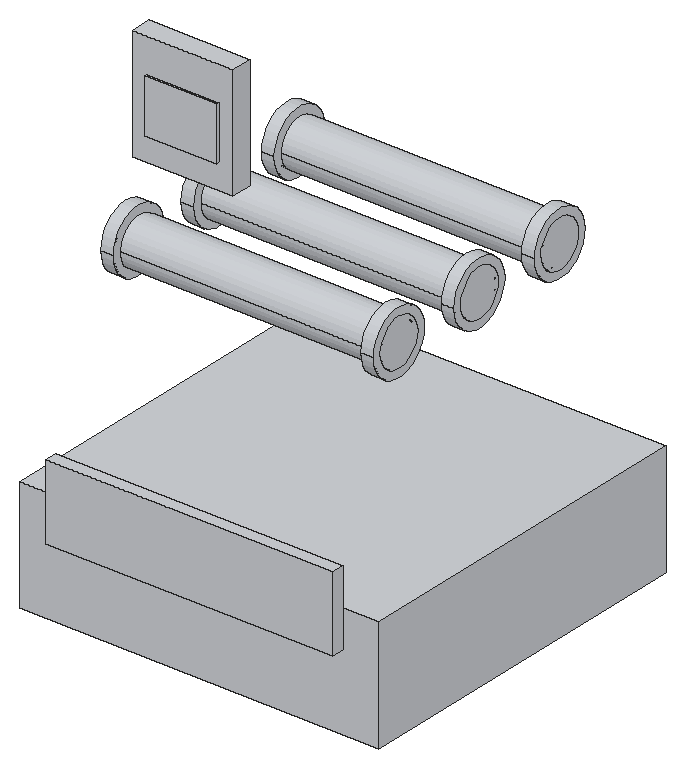
Revit family "GIS_Disconnector", category Modelos genéricos, Revit 2027
Family settings
  Pode hospedar o vergalhão = Não
  Cota do conector redondo = Utilizar diâmetro
  Tipo de parte = Normal
  Com base no plano de trabalho = Não
  Sempre na vertical = Sim
  Corte com vazios quando carregada = Não
  Manter orientação da anotação = Não
  Compartilhado = Não
  Ponto de cálculo do ambiente = Não
Parameters (values of type "GIS_DS_145KV_STUDY")
  Elevação padrão = 0 mm
  BIM_TensaoSecundaria_kV = 0
  BIM_TensaoNominal_kV = 138
  BIM_TensaoClasse_kV = 145
  BIM_TensaoClasseSecundaria_kV = 0
  BIM_TensaoAuxiliarCA_kV = 0
  BIM_Sistema_Elemento [instance] = ""
  BIM_ReferenciaCatalogo = "GE Vernova F35 145 kV product family; mechanism envelope estimated"
  BIM_Profundidade = 800 mm
  BIM_Potencia_MVA = 0
  BIM_Localizacao [instance] = ""
  BIM_Largura = 800 mm
  BIM_Impedancia_pu = 0
  BIM_FonteGeometria = "GE Vernova F35 145 kV product family; mechanism envelope estimated"
  BIM_Fabricante = "NAO SELECIONADO"
  BIM_EstadoGeometria = "ESTIMATED"
  BIM_EstadoEspecificacao = "PREMISSA / NAO SELECIONADO"
  BIM_DescricaoEstudo = "Seccionadora GIS com mecanismo indicativo; detalhes internos e arranjo do fabricante não representados."
  BIM_CorrenteReferenciaSecundaria_A = 0
  BIM_CorrenteNominal_A = 0
  BIM_Bay [instance] = ""
  BIM_AlturaCorpoPrincipal = 252 mm
  BIM_Altura = 1400 mm
Reference planes
  plane 1 "Centro (Frente/Trás)": y = 0
  plane 2: z = 0
  plane 3 "Centro (Esquerda/Direita)": x = 0
  plane 4 "BIM Left": x = -400
  plane 5 "BIM Right": x = 400
  plane 6 "BIM Front": y = -400
  plane 7 "BIM Back": y = 400
Forms (mm)
  Extrusion 1, solid
    sketch origin (0, 0, 0) x (1, 0, 0) y (0, 1, 0)
      loop
        line (-400, -400) -> (400, -400) -> (400, 400) -> (-400, 400) -> (-400, -400)
    from 0 to 252 <- "BIM_AlturaCorpoPrincipal"
  Extrusion 2, solid
    sketch origin (0, 0, 168) x (1, 0, 0) y (0, 1, 0)
      loop
        line (-320, -427.432) -> (320, -427.432) -> (320, -400) -> (-320, -400) -> (-320, -427.432)
    from 0 to 168
  Extrusion 3, solid
    sketch origin (0, 0, 1022) x (1, 0, 0) y (0, 1, 0)
      loop
        line (-112, -445.72) -> (112, -445.72) -> (112, -400) -> (-112, -400) -> (-112, -445.72)
    from 0 to 252
  Extrusion 4, solid
    sketch origin (0, 0, 1078) x (1, 0, 0) y (0, 1, 0)
      loop
        line (-80, -451.816) -> (80, -451.816) -> (80, -445.72) -> (-80, -445.72) -> (-80, -451.816)
    from 0 to 119
  Extrusion 5, solid
    sketch origin (-304, -224, 700) x (0, 1, 0) y (0, 0, 1)
      loop
        circle (0, 0) r 52
    from 0 to 608
  Extrusion 6, solid
    sketch origin (-304, -224, 700) x (0, 1, 0) y (0, 0, 1)
      loop
        circle (0, 0) r 70.2
      loop
        circle (0, 0) r 43.68
    from 0 to 28
  Extrusion 7, solid
    sketch origin (276, -224, 700) x (0, 1, 0) y (0, 0, 1)
      loop
        circle (0, 0) r 70.2
      loop
        circle (0, 0) r 43.68
    from 0 to 28
  Extrusion 8, solid
    sketch origin (-304, 0, 700) x (0, 1, 0) y (0, 0, 1)
      loop
        circle (0, 0) r 52
    from 0 to 608
  Extrusion 9, solid
    sketch origin (-304, 0, 700) x (0, 1, 0) y (0, 0, 1)
      loop
        circle (0, 0) r 70.2
      loop
        circle (0, 0) r 43.68
    from 0 to 28
  Extrusion 10, solid
    sketch origin (276, 0, 700) x (0, 1, 0) y (0, 0, 1)
      loop
        circle (0, 0) r 70.2
      loop
        circle (0, 0) r 43.68
    from 0 to 28
  Extrusion 11, solid
    sketch origin (-304, 224, 700) x (0, 1, 0) y (0, 0, 1)
      loop
        circle (0, 0) r 52
    from 0 to 608
  Extrusion 12, solid
    sketch origin (-304, 224, 700) x (0, 1, 0) y (0, 0, 1)
      loop
        circle (0, 0) r 70.2
      loop
        circle (0, 0) r 43.68
    from 0 to 28
  Extrusion 13, solid
    sketch origin (276, 224, 700) x (0, 1, 0) y (0, 0, 1)
      loop
        circle (0, 0) r 70.2
      loop
        circle (0, 0) r 43.68
    from 0 to 28
Dimensions and locks
  "BIM_Largura": plane 4 "BIM Left" to plane 5 "BIM Right"
  "BIM_Profundidade": plane 6 "BIM Front" to plane 7 "BIM Back"
  aligned and locked: level to plane 2
  aligned and locked: plane 4 "BIM Left" to Extrusion 1
  aligned and locked: Extrusion 1 to plane 5 "BIM Right"
  aligned and locked: Extrusion 1 to plane 6 "BIM Front"
  aligned and locked: plane 7 "BIM Back" to Extrusion 1
Automatic sketch dimensions
  Extrusion 1 sketch curve to plane 4 "BIM Left" = 0 mm
  Extrusion 1 sketch curve to plane 5 "BIM Right" = 0 mm
  Extrusion 1 sketch curve to plane 6 "BIM Front" = 0 mm
  Extrusion 1 sketch curve to plane 7 "BIM Back" = 0 mm
  Extrusion 2 sketch curve to plane 6 "BIM Front" = 0 mm
  Extrusion 2 sketch curve to plane 6 "BIM Front" = 27.432 mm
  Extrusion 2 sketch curve to plane 4 "BIM Left" = 80 mm
  plane 5 "BIM Right" to Extrusion 2 sketch curve = 80 mm
  Extrusion 3 sketch curve to plane 6 "BIM Front" = 0 mm
  Extrusion 3 sketch curve to plane 6 "BIM Front" = 45.72 mm
  Extrusion 3 sketch curve to plane 3 "Centro (Esquerda/Direita)" = 112 mm
  plane 3 "Centro (Esquerda/Direita)" to Extrusion 3 sketch curve = 112 mm
  Extrusion 4 sketch curve to plane 3 "Centro (Esquerda/Direita)" = 80 mm
  plane 3 "Centro (Esquerda/Direita)" to Extrusion 4 sketch curve = 80 mm
  Extrusion 4 sketch curve to plane 6 "BIM Front" = 51.816 mm
  Extrusion 4 sketch curve to Extrusion 4 sketch curve = 6.096 mm
  Extrusion 5 sketch curve to Extrusion 5 sketch curve = 0 mm  (x2)
  plane 6 "BIM Front" to Extrusion 5 sketch curve = 176 mm
  level to Extrusion 5 sketch curve = 700 mm
  Extrusion 5 sketch curve to Extrusion 5 sketch curve = 52 mm
  Extrusion 6 sketch curve to Extrusion 6 sketch curve = 0 mm  (x12)
  plane 6 "BIM Front" to Extrusion 6 sketch curve = 176 mm
  level to Extrusion 6 sketch curve = 700 mm
  Extrusion 6 sketch curve to Extrusion 6 sketch curve = 43.68 mm
  Extrusion 6 sketch curve to Extrusion 6 sketch curve = 26.52 mm
  Extrusion 7 sketch curve to Extrusion 7 sketch curve = 0 mm  (x12)
  plane 6 "BIM Front" to Extrusion 7 sketch curve = 176 mm
  level to Extrusion 7 sketch curve = 700 mm
  Extrusion 7 sketch curve to Extrusion 7 sketch curve = 43.68 mm
  Extrusion 7 sketch curve to Extrusion 7 sketch curve = 26.52 mm
  Extrusion 8 sketch curve to Extrusion 8 sketch curve = 0 mm  (x2)
  Extrusion 8 sketch curve to plane 1 "Centro (Frente/Trás)" = 0 mm
  level to Extrusion 8 sketch curve = 700 mm
  plane 1 "Centro (Frente/Trás)" to Extrusion 8 sketch curve = 52 mm
  Extrusion 9 sketch curve to Extrusion 9 sketch curve = 0 mm  (x12)
  Extrusion 9 sketch curve to plane 1 "Centro (Frente/Trás)" = 0 mm
  level to Extrusion 9 sketch curve = 700 mm
  plane 1 "Centro (Frente/Trás)" to Extrusion 9 sketch curve = 43.68 mm
  Extrusion 9 sketch curve to Extrusion 9 sketch curve = 26.52 mm
  Extrusion 10 sketch curve to Extrusion 10 sketch curve = 0 mm  (x12)
  Extrusion 10 sketch curve to plane 1 "Centro (Frente/Trás)" = 0 mm
  level to Extrusion 10 sketch curve = 700 mm
  plane 1 "Centro (Frente/Trás)" to Extrusion 10 sketch curve = 43.68 mm
  Extrusion 10 sketch curve to Extrusion 10 sketch curve = 26.52 mm
  Extrusion 11 sketch curve to Extrusion 11 sketch curve = 0 mm  (x2)
  Extrusion 11 sketch curve to plane 7 "BIM Back" = 176 mm
  level to Extrusion 11 sketch curve = 700 mm
  Extrusion 11 sketch curve to Extrusion 11 sketch curve = 52 mm
  Extrusion 12 sketch curve to Extrusion 12 sketch curve = 0 mm  (x12)
  Extrusion 12 sketch curve to plane 7 "BIM Back" = 176 mm
  level to Extrusion 12 sketch curve = 700 mm
  Extrusion 12 sketch curve to Extrusion 12 sketch curve = 43.68 mm
  Extrusion 12 sketch curve to Extrusion 12 sketch curve = 26.52 mm
  Extrusion 13 sketch curve to Extrusion 13 sketch curve = 0 mm  (x12)
  Extrusion 13 sketch curve to plane 7 "BIM Back" = 176 mm
  level to Extrusion 13 sketch curve = 700 mm
  Extrusion 13 sketch curve to Extrusion 13 sketch curve = 43.68 mm
  Extrusion 13 sketch curve to Extrusion 13 sketch curve = 26.52 mm
